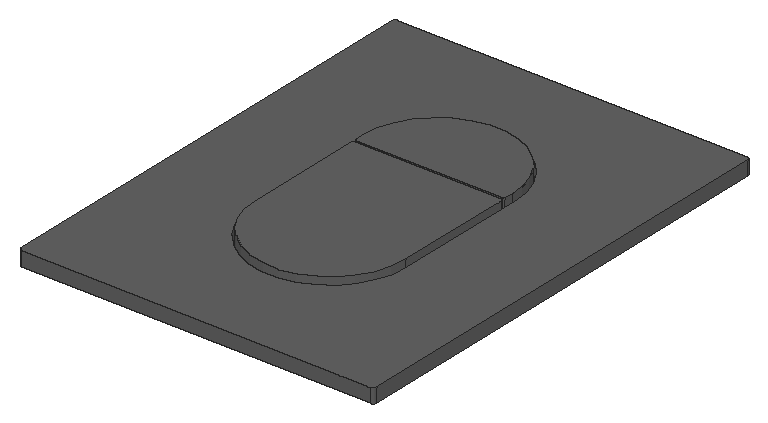
Revit family "Grohe_FlushPlate_ArenaCosmopolitan_37624KF0", category Plumbing Fixtures, host Face, Revit 2020
Family settings
  Host = Face
  Round Connector Dimension = Use Diameter
  Part Type = Normal
  OmniClass Number = 23.45.05.00
  OmniClass Title = Sanitary Equipment
  Cut with Voids When Loaded = No
  Shared = No
  Room Calculation Point = No
Parameters (values of type "ARENA COSMPOLITAN Flush Plate (37624KF0)")
  _ObjectUserGuide = "https://www.bimstore.co/products/grohe-37624kf0/document/object-user-guide"
  _DistributedBy = "https://www.bimstore.co/"
  _CurrentRevision = 1
  _CreatedBy = "https://www.bimstore.co/"
  _BimSpecGuid = 0
  _BSBibleVersion = 17
  _AuthorizedBy = "bimstore"
  _Author = "SM 182"
  WarrantyStartDate [instance] = "Please Record on Commissioning"
  WarrantyGuarantorParts = "https://www.grohe.co.uk"
  WarrantyGuarantorLabor = "https://www.grohe.co.uk"
  WarrantyDurationUnit = "Years"
  WarrantyDurationParts = "0"
  WarrantyDurationLabor = "0"
  WarrantyDescription = "n/a"
  URL = "https://www.grohe.co.uk/"
  TypeName = "ARENA COSMPOLITAN Flush Plate (37624KF0)"
  Type Comments = "ARENA COSMPOLITAN Flush Plate (37624KF0)"
  TPIDocumentLink = "https://cdn.cloud.grohe.com/tpi/2000/2200/2210/2211/2211081/original/2211081.pdf"
  SustainabilityReport = "green.grohe.com/reporting"
  SustainabilityAward = "green.grohe.com/awards"
  SpareParts = "info-uk@grohe.com"
  Size = "n/a"
  Shape = "n/a"
  SerialNumber [instance] = "Please Record on Commissioning"
  ReplacementCost = "n/a"
  ReferencedStandard = "n/a"
  ProductionYear = "2024"
  ProductType = "101404"
  ProductShortText = "Flush plate"
  ProductNumber = "37624KF0"
  ProductDescription = "for dual flush or start & stop actuation\r\n\r\nfor pneumatic discharge valve AV1, GD 2 cistern\r\n\r\nvertical installation\r\n\r\n130 x 172 mm\r\n\r\nmade of ABS\r\n\r\nGROHE Long-Life finish\r\n\r\nGROHE Water Saving - Less water, perfect flow\r\n\r\nflush plate with magnetic holder and fixing brackets included\r\n\r\ncompatible with Rapid SLX\r\n\r\nfor use with Rapid SL and Uniset with GD 2 cistern please order shaft 40 911 000 (sold separately)\r\n\r\nfor use with Rapid SL and Uniset 0.82 m installation height please order shaft 40 950 000 (sold separately)"
  PrimaryMaterial = Grohe_PhantomBlack
  PQDiagramLink = ""
  NominalLength = 0 mm
  NominalHeight = 0 mm
  NominalDepth = 0 mm
  NBSReference = "90-15-35/470"
  NBSOfficeMasterTag = "n/a"
  NBSObjectName = "Grohe - Flush Control Devices"
  NBSNote = "n/a"
  NBSDescription = "Flush Control Devices"
  ModelReference = "Flush plate"
  ModelNumber = "37624KF0"
  Model = "37624KF0"
  Material = "n/a"
  ManufacturerName = "Grohe"
  Manufacturer = "Grohe"
  Keynote = "N13"
  InstallationVideo = ""
  InstallationDate [instance] = "Please Record on Commissioning"
  IfcExportType = "IfcValveTypeEnum.FLUSHING"
  IfcExportAs = "IfcValve"
  Grade = "n/a"
  GROHESustainability = "green.grohe.com"
  GROHESocialCommittment = "green.grohe.com/social_engagement"
  FullRecyclabilityOfPlastic = "All plastic components are fully recycable"
  Finish = "n/a"
  Features = "n/a"
  ExpectedLife = 0
  Ecojoy = no
  EF023752 = "false"
  EF023751 = "true"
  EF020828 = "true"
  EF020827 = "true"
  EF010109 = "false"
  EF006949 = "Mechanical"
  EF006331 = "false"
  EF002169 = "Plastic"
  EF002147 = "Two button"
  EF001438 = "172"
  EF000040 = "5"
  EF000008 = "130"
  EF000007 = "Black"
  DurationUnit = "Years"
  DocumentationTechnical = "https://www.bimstore.co/products/grohe-37624kf0/document/object-user-guide"
  DocumentationMaintenance = "https://www.bimstore.co/products/grohe-37624kf0/document/maintenance-information"
  DocumentationLiterature = "https://www.bimstore.co/products/grohe-37624kf0/document/product-literature"
  DocumentationInstallationGuide = "https://www.bimstore.co/products/grohe-37624kf0/document/installation-guide"
  DocumentationCertificates = "https://www.bimstore.co/products/grohe-37624kf0/document/product-certificates"
  DimensionsDocumentLink = "https://cdn.cloud.grohe.com/dimdraw/2000/2000/2060/2068/2068542/1280/2068542.jpg"
  Description = "for dual flush or start & stop actuation\r\n\r\nfor pneumatic discharge valve AV1, GD 2 cistern\r\n\r\nvertical installation\r\n\r\n130 x 172 mm\r\n\r\nmade of ABS\r\n\r\nGROHE Long-Life finish\r\n\r\nGROHE Water Saving - Less water, perfect flow\r\n\r\nflush plate with magnetic holder and fixing brackets included\r\n\r\ncompatible with Rapid SLX\r\n\r\nfor use with Rapid SL and Uniset with GD 2 cistern please order shaft 40 911 000 (sold separately)\r\n\r\nfor use with Rapid SL and Uniset 0.82 m installation height please order shaft 40 950 000 (sold separately)"
  Default Elevation = 0 mm
  CreatedOn = "2024-04-16T:09:00:00"
  CreatedBy = "info-uk@grohe.com"
  CradleToCradleCertification = "N/A"
  Cost = 0
  Constituents = "n/a"
  Color = "Black"
  CodePerformance = "n/a"
  ClassificationValue = "Pr_75_50_46_31"
  ClassificationName = "Uniclass2015"
  CO2NeutralProduction = "GROHE is one of the first leading manufacturer within the sanitary industry having a CO2-neutral production."
  BarCode [instance] = "Please Record on Commissioning"
  BIMObjectName = "Grohe_FlushPlate_ArenaCosmopolitan_37624KF0"
  AssetType = "Fixed"
  AssetIdentifier [instance] = "n/a"
  Assembly Code = "D2010"
  AccessibilityPerformance = "n/a"
Reference planes
  plane 1 "Center (Front/Back)": y = 0
  plane 2: z = 0
  plane 3 "Center (Left/Right)": x = 0
Forms (mm)
  Extrusion 1, solid, material "Grohe_PhantomBlack" <- "PrimaryMaterial"
    sketch origin (0, 0, 0) x (1, 0, 0) y (0, 1, 0)
      loop
        arc (-63.824, 86) -> (-64.656, 85.656) -> (-65, 84.824) r 1.176
        line (-65, 84.824) -> (-65, -84.829)
        arc (-65, -84.829) -> (-64.657, -85.657) -> (-63.829, -86) r 1.171
        line (-63.829, -86) -> (63.822, -86)
        arc (63.822, -86) -> (64.655, -85.655) -> (65, -84.822) r 1.178
        line (65, -84.822) -> (65, 84.82)
        arc (65, 84.82) -> (64.654, 85.654) -> (63.82, 86) r 1.18
        line (63.82, 86) -> (-63.824, 86)
      loop
        arc (-28.319, -24.514) -> (0, -52.833) -> (28.319, -24.514) r 28.319
        line (28.319, -24.514) -> (28.319, 24.489)
        arc (28.319, 24.489) -> (0, 52.808) -> (-28.319, 24.489) r 28.319
        line (-28.319, 24.489) -> (-28.319, -24.514)
    from 0 to 5.093
  Extrusion 2, solid, material "Grohe_PhantomBlack" <- "PrimaryMaterial"
    sketch origin (0, 0, 0) x (1, 0, 0) y (0, 1, 0)
      loop
        arc (-27.319, 21.132) -> (-27.163, 20.756) -> (-26.787, 20.6) r 0.532
        line (-26.787, 20.6) -> (26.782, 20.6)
        arc (26.782, 20.6) -> (27.162, 20.757) -> (27.319, 21.137) r 0.537
        line (27.319, 21.137) -> (27.319, 24.489)
        arc (27.319, 24.489) -> (0, 51.808) -> (-27.319, 24.489) r 27.319
        line (-27.319, 24.489) -> (-27.319, 21.132)
      loop
        line (27.319, -24.514) -> (27.319, 19.379)
        arc (27.319, 19.379) -> (27.166, 19.747) -> (26.798, 19.9) r 0.521
        line (26.798, 19.9) -> (-26.822, 19.9)
        arc (-26.822, 19.9) -> (-27.173, 19.754) -> (-27.319, 19.403) r 0.497
        line (-27.319, 19.403) -> (-27.319, -24.514)
        arc (-27.319, -24.514) -> (0, -51.833) -> (27.319, -24.514) r 27.319
    from 0 to 7.36
Cuts and joins
  joined: Extrusion 1, Extrusion 2
Dimensions and locks
  aligned and locked: plane 2 to host face
  aligned and locked: level to host face
